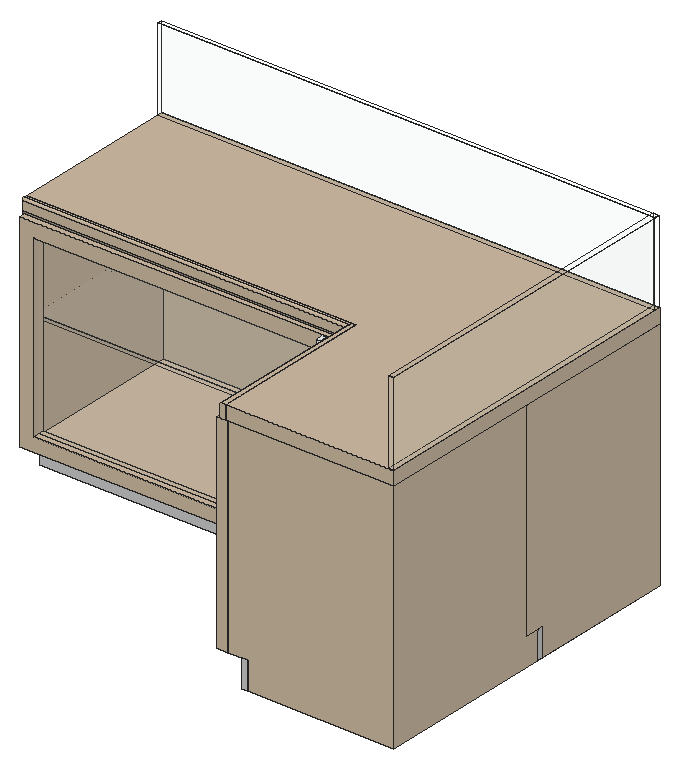
Revit family "Kitchen_Cabinet_Corner", category Casework, Revit 2021
Family settings
  Work Plane-Based = No
  Always vertical = Yes
  Cut with Voids When Loaded = No
  Shared = No
  Room Calculation Point = No
Parameters (values of type "Corner Unit 7")
  XXXDouble Swing Panel Glass Vis = and(Double Swing VisCalc, Panel Frame Visibility)  # no
  Wall unit height calc = if(Wall Unit Height > 0 mm, Wall Unit Height - 2 mm, Wall Unit Height)  # 0 mm
  Wall Unit Bottom Base Visibility [instance] = no
  Void Side Offset For Corner Unit Back = Depth * tan(45.00°) * 2  # 1200 mm
  Void Side Offset For Corner Unit = Depth * tan(45.00°)  # 600 mm
  XXXTop Front Offset Calc = if(Top Profile Visibility, Top Profile Extrusion Calc, 0 mm)  # 20 mm
  Top Profile Right Offset Calc [instance] = if(and(Right Top Angle > 0.00°, Top Profile Visibility), Top Profile Extrusion Calc * tan(Right Top Angle), 0 mm)  # 0 mm
  Top Profile Left Offset Calc [instance] = if(and(Left Top Angle > 0.00°, Top Profile Visibility), Top Profile Extrusion Calc * tan(Left Top Angle), 0 mm)  # 0 mm
  Right Back Right Offset [instance] = 0 mm
  Oven Handle VisCalc = and(Oven Visibility, Door Handle Visibility)  # no
  Left Top Angle Offset Calc [instance] = if(Left Top Angle Calc < 0.00°, 0 mm, Top Front Offset * tan(Left Top Angle Calc))  # 0 mm
  Symbol Lines Panel Height Calc = if(XXXPanel Height Calc - XXXMiddle Base Offset Calc < 50 mm, 50 mm, XXXPanel Height Calc - XXXMiddle Base Offset Calc)  # 745 mm
  Right Top Angle Offset Calc [instance] = if(Right Top Angle Calc < 0.00°, 0 mm, Top Front Offset * tan(Right Top Angle Calc))  # 0 mm
  Right Top Angle Calc [instance] = Right Top Angle  # 0.00°
  Right Top Angle [instance] = 0.00°
  Left Top Angle Calc [instance] = Left Top Angle  # 0.00°
  Left Top Angle [instance] = 0.00°
  Left Back Left Offset [instance] = 0 mm
  KickPlate Main Side Offset To 45 Degree Unit = (Kickplate Depth Offset + (Thickness Sides * 2)) * tan(45.00° / 2)  # 37.279 mm
  Width Half = Width / 2  # 900 mm
  Width = 1800 mm
  KickPlate Right Side Offset Calc [instance] = if(Corner Unit 45 Degree Visibility, KickPlate Main Side Offset To 45 Degree Unit, Kickplate Offset Right)  # 0 mm
  KickPlate Left Side Offset Calc [instance] = if(Corner Unit 45 Degree Visibility, KickPlate Main Side Offset To 45 Degree Unit, Kickplate Offset Left)  # 0 mm
  Drawers = Revit Content - Drawers
  Draw Handle Visibility = yes
  Draw Handle VisCalc = and(Draw Handle Visibility, Draw Count > 0)  # no
  Depth Top Calc = Depth + Top Front Offset + Top Back Offset  # 630 mm
  Default Elevation = 0 mm
  Corner Unit Top 45 Degree Visibility = and(Corner Unit 45 Degree Visibility, Top Visibility)  # no
  Corner Unit Shelve VisCalc = and(not(Corner Unit 45 Degree Visibility), Corner Unit  Visibility, Shelves Count > 0)  # yes
  XXXCorner Unit 45 Degree Bottom VisCalc [instance] = and(Wall Unit Bottom Base Visibility, Wall Unit Height > 10 mm, Corner Unit 45 Degree Visibility)  # no
  Corner Unit 45 Degree Side KickPlate Length Calc = Kickplate Depth Offset + Thickness Sides  # 70 mm
  Corner Unit 45 Degree Side Depth For KickPlateCalc = Depth - Kickplate Depth Offset - Thickness Sides  # 530 mm
  Corner Unit 45 Degree Shelve Depth Calc = Depth + Top Front Offset - Thickness Sides * 2  # 590 mm
  Corner Unit 45 Degree Depth Calc = Depth + Top Front Offset - XXXTop Front Offset Calc  # 610 mm
  Bottom Base Visibility = yes
  Bottom Base VisCalc = and(Bottom Base Visibility, not(Corner Unit 45 Degree Visibility))  # yes
  Backsplash Right Offset Calc2 [instance] = if(not(Corner Unit  Visibility), if(Right Top Angle Calc < 0.00°, Backsplash Offset Right, Depth Top Calc * tan(Right Top Angle Calc) - Right Top Angle Offset Calc + Backsplash Offset Right), 0 mm)  # 0 mm
  Backsplash Right Offset Calc [instance] = if(Right Top Angle Calc < 0.00°, Backsplash Offset Right, Depth Top Calc * tan(Right Top Angle Calc) - Right Top Angle Offset Calc + Backsplash Offset Right)  # 0 mm
  Backsplash Left Offset Calc [instance] = if(Left Top Angle Calc < 0.00°, Backsplash Offset Left, Depth Top Calc * tan(Left Top Angle Calc) - Left Top Angle Offset Calc + Backsplash Offset Left)  # 0 mm
  BackSplash VisCalc = and(Shell VisCalc, Back Splash Visibility, not(Corner Unit 45 Degree Visibility))  # yes
  Top VisCalc = and(Shell VisCalc, Top Visibility, not(Corner Unit 45 Degree Visibility), not(Corner Unit  Visibility))  # no
  Top Thickness Calc = if(Top Thickness < 2 mm, 2 mm, Top Thickness)  # 50 mm
  Top Right Side Offset Calc = Top Right Side Offset  # 0 mm
  Top Left Side Offset Calc = Top Left Side Offset  # 0 mm
  Thickness Sides HALF = Thickness Sides / 2  # 10 mm
  Symbol Lines 2D Plan Sliding Door [instance] = and(Show Symbol Lines 2D, Doors Visibility, Sliding Door)  # no
  Symbol Lines 2D Elevation Not HS RIGHT [instance] = and(Show Symbol Lines 2D, Doors Visibility, not(Symbol Lines From Hinge Side), Double Swing, not(Oven Visibility), not(Just Drawers VisCalc), not(Corner Unit  Visibility), not(Sliding Door), not(Additional Drawers Count > 0))  # no
  Symbol Lines 2D Elevation Not HS LEFT [instance] = and(Show Symbol Lines 2D, Doors Visibility, not(Symbol Lines From Hinge Side), not(Oven Visibility), not(Just Drawers VisCalc), not(Corner Unit  Visibility), not(Sliding Door), not(Additional Drawers Count > 0))  # no
  Symbol Lines 2D Elevation HS RIGHT [instance] = and(Show Symbol Lines 2D, Doors Visibility, Symbol Lines From Hinge Side, Double Swing, not(Oven Visibility), not(Just Drawers VisCalc), not(Corner Unit  Visibility), not(Sliding Door), not(Additional Drawers Count > 0))  # no
  Symbol Lines 2D Elevation HS LEFT [instance] = and(Show Symbol Lines 2D, Doors Visibility, Symbol Lines From Hinge Side, not(Oven Visibility), not(Just Drawers), not(Corner Unit  Visibility), not(Sliding Door), not(Additional Drawers Count > 0))  # no
  Symbol Lines 2D Plan RIGHT [instance] = and(Show Symbol Lines 2D, Doors Visibility, Double Swing, not(Oven Visibility), not(Just Drawers VisCalc), not(Corner Unit  Visibility), not(Sliding Door), not(Additional Drawers Count > 0))  # no
  Symbol Lines 2D Plan LEFT [instance] = and(Show Symbol Lines 2D, Doors Visibility, not(Oven Visibility), not(Just Drawers VisCalc), not(Corner Unit  Visibility), not(Sliding Door), not(Additional Drawers Count > 0))  # no
  Top Profile Offset Right = 0 mm
  Top Profile Offset Left = 0 mm
  Symbol Line 3D Drawers [instance] = or(and(Show Symbol Lines 3D, Just Drawers VisCalc), or(and(Show Symbol Lines 3D, Additional Drawers Count > 0)))  # no
  Show Symbol Lines 2D [instance] = yes
  Shell VisCalc = and(Shell Visibility, not(Corner Unit 45 Degree Visibility))  # yes
  Kickplate Offset Right [instance] = 0 mm
  Kickplate Offset Left [instance] = 0 mm
  Height = 900 mm
  Fix Panel Width Max Calc = if(Fix Panel Offset Calc > Thickness Sides * 2 + Space * 2 + Panel Frame Thickness Hinge Side + Panel Frame Thickness Middle, Thickness Sides * 2 + Space * 2 + Panel Frame Thickness Hinge Side + Panel Frame Thickness Middle, Fix Panel Offset Calc)  # 2 mm
  Fix Panel Top & Bottom Offset Calc = if(Panel Between, Thickness Sides, 0 mm)  # 0 mm
  Fix Panel Side Space Calc = 0 mm  # constant formula
  Fix Panel Offset = 0 mm
  Fix Panel Offset Half Calc = Fix Panel Offset / 2  # 0 mm
  Fix Panel Geomtry Width Calc = if(Panel Between, if(Fix Panel Offset Calc > 2 mm, Width Calc - Pannel Side Calc - Space * 2, 2 mm), if(Fix Panel Offset Calc < Space + 2 mm, Width - Pannel Side Calc + 2 mm, Width - Pannel Side Calc - Space))  # 642 mm
  Fix Panel VisCalc = and(Fix Panel, not(Fix Panel Offset < 10 mm), not(Double Swing), not(Sliding Door), not(Oven Visibility), not(Draw Count > 0), not(Additional Drawers Count > 0))  # no
  Unit Height Lock = yes
  Top Profile Visibility = yes
  Thickness Bottom Calc = if(Thickness Bottom < 2 mm, 2 mm, Thickness Bottom)  # 20 mm
  Fix Panel Offset Calc = if(Fix Panel Offset < 2 mm, 2 mm, Fix Panel Offset)  # 2 mm
  Fix Panel = no
  Draw Thickness = 40 mm
  Draw Handle Thickness Calc = if(Draw Handle Depth < 2 mm, 2 mm, Draw Handle Depth)  # 20 mm
  Draw Handle Length Half = Draw Handle Width / 2  # 250 mm
  Draw Handle Height Calc = if(Draw Handle Height < 2 mm, 2 mm, Draw Handle Height)  # 15 mm
  Door Thickness = 40 mm
  Door Handle Visibility = yes
  Depth = 600 mm
  Corner Unit Void Height Calc = if(Corner Unit Panel Height Calc - Panel Frame Thickness Top - Panel Frame Thickness Bottom < 10 mm, 10 mm, Corner Unit Panel Height Calc - Panel Frame Thickness Top - Panel Frame Thickness Bottom)  # 650 mm
  Corner Unit Top VisCalc = and(Corner Unit  Visibility, Top Visibility)  # yes
  Corner Unit Top Profile VisCalc = and(Corner Unit  Visibility, Top Visibility, Top Profile Visibility)  # yes
  Corner Unit Panel VisCalc = and(Corner Unit  Visibility, Doors Visibility)  # yes
  Corner Unit Panel Height Calc = if(XXXHeight Calc - XXXDoor Bottom Offset Calc - Corner Unit Door Top Offset Calc - Bottom Base Height < 2 mm, 2 mm, XXXHeight Calc - XXXDoor Bottom Offset Calc - Corner Unit Door Top Offset Calc - Bottom Base Height)  # 750 mm
  Tap = Revit Content - Tap
  Sink 2 Visibility = no
  Extractor Hood Visibility = no
  Extractor Hood Top = Revit Content - Extractor Hood Top
  Extractor Hood Middle = Revit Content - Extractor Hood Middle
  Extractor Hood Bottom = Revit Content - Extractor Hood
  Drawers on Bottom = no
  Corner Unit Door Top Offset Calc = if(or(Panel Between, Sliding Door Calc), Thickness Sides + Space, 0 mm)  # 0 mm
  Corner Unit Door Handle VisCalc = and(Corner Unit  Visibility, Door Handle Visibility)  # yes
  Corner Unit BackSplash(45 Degrees) VisCalc = and(Corner Unit 45 Degree Visibility, Back Splash Visibility)  # no
  Cooker Radius Calc = 50 mm  # constant formula
  Cooker Burner Width Calc2 = Cooker Burner Width Calc - 20 mm  # 180 mm
  Cooker Burner Length Calc2 = Cooker Burner Length Calc - 20 mm  # 180 mm
  Cooker Burner Width Calc = if(Cooker Burner Width < 50 mm, 50 mm, Cooker Burner Width)  # 200 mm
  Cooker Burner Length Calc = if(Cooker Burner Length < 50 mm, 50 mm, Cooker Burner Length)  # 200 mm
  Wall Unit Right Side Bottom Profile Calc [instance] = and(Wall Unit Height > 10 mm, Wall Unit Right Side Bottom Profile, not(Wall Corner Unit Bottom Profile Calc), not(Corner Unit 45 Degree Visibility))  # no
  Wall Unit Right Side Bottom Profile [instance] = no
  Wall Unit Left Side Bottom Profile Calc [instance] = and(Wall Unit Height > 10 mm, Wall Unit Left Side Bottom Profile, not(Wall Corner Unit Bottom Profile Calc), not(Corner Unit 45 Degree Visibility))  # no
  Wall Unit Left Side Bottom Profile [instance] = no
  Wall Corner Unit VisCalc = and(Corner Unit  Visibility, Wall Unit Height > 10 mm)  # no
  Wall Corner Unit Bottom Profile Calc [instance] = and(Corner Unit  Visibility, Wall Unit Right Side Bottom Profile)  # no
  XXXVoid Leg Vis Calc [instance] = if(or(Bottom Base Height = 0 mm, Wall Unit Height > 10 mm, or(Legs Visibility > 0)), 0 mm, Bottom Base Height Calc)  # 100 mm
  SLM 4000 = 0 mm  # constant formula
  Main Skirting Right Side Distance Calc For Corner Unit = 0 mm  # constant formula
  Legs Visibility [instance] = 0
  Legs = Revit Content - Legs
  Leg Width Calc = if(Leg Width < 2 mm, 2 mm, Leg Width)  # 100 mm
  Leg Width = 100 mm
  Leg Vis 6 [instance] = and(Corner Unit  Visibility, or(Legs Visibility = 6, Legs Visibility = 7))  # no
  Leg Vis 5 [instance] = and(Corner Unit  Visibility, or(Legs Visibility = 5, Legs Visibility = 7))  # no
  Leg Vis 4 [instance] = or(Legs Visibility = 4, Legs Visibility = 7)  # no
  Leg Vis 3 [instance] = or(Legs Visibility = 3, Legs Visibility = 7)  # no
  Leg Vis 2 [instance] = or(Legs Visibility = 2, Legs Visibility = 7)  # no
  Leg Vis 1 [instance] = or(Legs Visibility = 1, Legs Visibility = 7)  # no
  Leg Radius Max Calc = if(Leg Length Calc > Leg Width Calc, Leg Width Calc / 2 - 1 mm, Leg Length Calc / 2 - 1 mm)  # 49 mm
  Leg Radius Calc = if(Leg Radius > Leg Radius Max Calc, Leg Radius Max Calc, if(Leg Radius < 1 mm, 1 mm, Leg Radius))  # 49 mm
  Leg Radius = 500 mm
  Leg Position Left & Right = 150 mm
  Leg Position Front & Back = 150 mm
  Leg Length Calc = if(Leg Length < 2 mm, 2 mm, Leg Length)  # 100 mm
  Leg Length = 100 mm
  Description = "Kitchen Version 3"
  Corner Unit Width Calc = if(Corner Unit Width < 300 mm, 300 mm, Corner Unit Width)  # 600 mm
  Corner Unit Width = 600 mm
  Corner Unit Door Width Calc = if(Panel Between, Corner Unit Width Calc - Space * 2 - Thickness Sides, Corner Unit Width Calc - Door Thickness Calc - Space)  # 555 mm
  Door Right = Revit Content - Door Right
  Door Left & Single = Revit Content - Door Left & Single
  Corner Unit Depth Calc = if(Corner Unit  Visibility, Depth, Width / 2)  # 600 mm
  Corner Unit 45 Degree Visibility = no
  Corner Unit  Visibility = yes
  Cooker Burner Width = 200 mm
  Cooker Burner Length = 200 mm
  CUM 4000 = 0 mm  # constant formula
  XXXBottom Base Thickness Calc = if(Draw Count = 0, if(Bottom Base Thickness < 2 mm, 2 mm, Bottom Base Thickness), Thickness Bottom Calc)  # 20 mm
  Bottom Base Height = 100 mm
  Backsplash Offset Right = 0 mm
  Backsplash Offset Left = 0 mm
  Back Splash Visibility = yes
  Corner Unit Back Splash VisCalc = and(Corner Unit  Visibility, Back Splash Visibility)  # yes
  Back Splash Height = 300 mm
  Back Splash Thickness = 100 mm
  Back Splash Thickness Calc = if(Back Splash Thickness > 20 mm, 20 mm, if(Back Splash Thickness < 2 mm, 2 mm, Back Splash Thickness))  # 20 mm
  Back Splash Height Calc = if(Back Splash Height < 2 mm, 2 mm, Back Splash Height)  # 300 mm
  Symbol Line 3D Double Swing VisCalc [instance] = and(Show Symbol Lines 3D, Doors Visibility, Double Swing, not(Symbol Line 3D Sliding Door VisCalc), not(Corner Unit  Visibility), not(Just Drawers VisCalc), not(Additional Drawers Count > 0))  # no
  Symbol Line 3D Single Swing VisCalc [instance] = and(Show Symbol Lines 3D, Doors Visibility, not(Sliding Door), not(Oven Visibility), not(Just Drawers VisCalc), not(Corner Unit  Visibility), not(Additional Drawers Count > 0))  # no
  Symbol Lines 3D RIGHT Not Hinge Side [instance] = and(Show Symbol Lines 3D, Doors Visibility, Double Swing, not(Symbol Line 3D Sliding Door VisCalc), not(Corner Unit  Visibility), not(Symbol Lines From Hinge Side), not(Sliding Door), not(Just Drawers VisCalc), not(Additional Drawers Count > 0))  # no
  Symbol Lines 3D LEFT Not Hinge Side [instance] = and(Show Symbol Lines 3D, Doors Visibility, not(Oven Visibility), not(Sliding Door), not(Corner Unit  Visibility), not(Symbol Lines From Hinge Side), not(Just Drawers VisCalc), not(Additional Drawers Count > 0))  # no
  URL = "www.revit-content.com"
  Symbol Lines From Hinge Side = yes
  Show Symbol Lines 3D [instance] = no
  Symbol Line 3D Sliding Door VisCalc [instance] = and(Show Symbol Lines 3D, Doors Visibility, Sliding Door, not(Just Drawers VisCalc))  # no
  Symbol Line 3D RIGHT Elevation VisCalc [instance] = and(Show Symbol Lines 3D, Doors Visibility, not(Just Drawers VisCalc), Double Swing, not(Symbol Line 3D Sliding Door VisCalc), Symbol Lines From Hinge Side, not(Corner Unit  Visibility), not(Sliding Door), not(Additional Drawers Count > 0))  # no
  Oven Glass = Revit Content - Glass Oven
  Model = "Casework Furniture"
  Symbol Line 3D LEFT Elevation VisCalc [instance] = and(Show Symbol Lines 3D, Doors Visibility, not(Just Drawers VisCalc), not(Oven Visibility), not(Sliding Door), Symbol Lines From Hinge Side, not(Corner Unit  Visibility), not(Additional Drawers Count > 0))  # no
  Kick Plate = Revit Content - Kick Plate
  Symbol Lines Drawers VisCalc [instance] = or(and(Show Symbol Lines 2D, Just Drawers VisCalc), or(and(Show Symbol Lines 2D, Additional Drawers Count > 0)))  # no
  Draw Symbol Line Count = 80 mm  # constant formula
  Designer = "Sameer Ahmed"
  Copyright = "Content & More Limited"
  Cooker Middle Burner VisCalc = and(Cooker Width > 670 mm, Cooker Visibility)  # no
  Cooker Burner Front & Back Offset Calc = Cooker Burner Front & Back Offset + Cooker Burner Radius Calc  # 99 mm
  Cooker Burner Front & Back Offset = 0 mm
  Cooker Burner Sides Offset = 0 mm
  Cooker Burner Side Offset Calc = Cooker Burner Sides Offset + Cooker Burner Radius Calc  # 99 mm
  Cooker Front & Back Offset = 0 mm
  Cooker Burner Radius Max Calc = if(Cooker Burner Length Calc > Cooker Burner Width Calc, Cooker Burner Width Calc / 2 - 1 mm, Cooker Burner Length Calc / 2 - 1 mm)  # 99 mm
  Cooker Position From Middle = 0 mm
  Cooker Depth = 500 mm
  Cooker Width = 500 mm
  Cooker Width Half Calc = Cooker Width / 2  # 250 mm
  Cooker Position From Middle Calc = Cooker Position From Middle  # 0 mm
  Cooker Depth Calc = if(Cooker Depth > Depth - 100 mm, Depth - 100 mm, if(Cooker Depth < 500 mm, 500 mm, Cooker Depth))  # 500 mm
  Cooker Burner Thickness = 0 mm
  Oven Handle Length = 15 mm
  Oven Handle Thickness = 20 mm
  Oven Handle Width = 500 mm
  Sink & Cooker Plate Thickness = 3 mm
  Oven Handle Length Calc = if(Oven Handle Length < 15 mm, 15 mm, Oven Handle Length)  # 15 mm
  Oven Handle Thickness Calc = if(Oven Handle Thickness < 20 mm, 20 mm, Oven Handle Thickness)  # 20 mm
  Oven Handle Width Calc = if(Oven Handle Width < 100 mm, 100 mm, Oven Handle Width)  # 500 mm
  Oven Handle Position from Top = 20 mm
  Oven = Revit Content - Oven
  Oven VisCalc = if(Oven Visibility, Oven Position Plan, 500 mm)  # 500 mm
  Oven Position Plan = if(Panel Between, 0 mm, Door Thickness Calc + 1 mm)  # 41 mm
  Wall Unit Bottom Front Thickness = 20 mm
  Wall Unit Bottom Front Length = 40 mm
  Wall Unit Bottom Thickness = 20 mm
  Wall Unit Bottom Front Thickness Calc = if(Wall Unit Bottom Front Thickness < 1 mm, 1 mm, Wall Unit Bottom Front Thickness)  # 20 mm
  Wall Unit Bottom Front Length Calc = if(Wall Unit Bottom Front Length < 1 mm, 1 mm, Wall Unit Bottom Front Length)  # 40 mm
  Wall Unit Bottom Thickness Calc = if(Wall Unit Bottom Thickness < 1 mm, 1 mm, Wall Unit Bottom Thickness)  # 20 mm
  Top Profile Extrusion = 20 mm
  Top Profile Extrusion Calc = if(Top Profile Extrusion > 15 mm, Top Profile Extrusion, if(Top Profile Extrusion < 15 mm, 15 mm, Top Profile Extrusion))  # 20 mm
  XXXWall Unit Bottom VisCalc [instance] = and(Wall Unit Bottom Base Visibility, Wall Unit Height > 10 mm, not(Corner Unit  Visibility), not(Corner Unit 45 Degree Visibility))  # no
  Oven Visibility = no
  Drainer VisCalc = and(Drainer Visibility, Sink VisCalc)  # no
  Drainer Visibility = no
  Cooker = Revit Content - Cooker
  Cooker VisCalc = Cooker Calc < 1 mm  # no
  Sink & Cooker Plate Thickness Calc = if(Sink & Cooker Plate Thickness < 3 mm, 3 mm, Sink & Cooker Plate Thickness)  # 3 mm
  Cooker Calc = if(Cooker Visibility, 0 mm, 500 mm)  # 500 mm
  Cooker Burner Thickness Calc = if(Cooker Burner Thickness < 6 mm, 6 mm, Cooker Burner Thickness)  # 6 mm
  Cooker Burner Radius Calc = if(Cooker Burner Radius > Cooker Burner Radius Max Calc, Cooker Burner Radius Max Calc, if(Cooker Burner Radius < 20 mm, 20 mm, Cooker Burner Radius))  # 99 mm
  Cooker Burner Radius 2 Calc = Cooker Burner Radius Calc - 18 mm  # 81 mm
  Cooker Burner Radius = 300 mm
  Cooker Burner Offset From Plate = 8 mm
  Cooker Burner = Revit Content - Cooker Burner
  Cooker Visibility = no
  Max Calc = if(Top Profile Extrusion Calc > Top Thickness, Top Thickness / 2 - 2 mm, Top Profile Extrusion Calc / 2 - 2 mm)  # 8 mm
  Top Profile Radius Top = 20 mm
  Top Profile Radius Bottom = 20 mm
  Top Profile Radius Top Calc = if(Top Profile Radius Top > Max Calc, Max Calc, if(Top Profile Radius Top < 1 mm, 1 mm, Top Profile Radius Top))  # 8 mm
  Top Profile Radius Bottom Calc = if(Top Profile Radius Bottom > Max Calc, Max Calc, if(Top Profile Radius Bottom < 1 mm, 1 mm, Top Profile Radius Bottom))  # 8 mm
  Wall Unit Height = 0 mm
  Top Thickness = 50 mm
  Top Back Offset = 0 mm
  Width Calc = Width - Thickness Sides * 2  # 1760 mm
  Top Front Offset = 30 mm
  Void On/Off Calc = if(Panel Frame Visibility, 0 mm, Door Thickness Calc)  # 0 mm
  Void Height Calc = if(XXXPanel Height Calc - if(and(Drawers on Bottom, Draw Count > 0), XXXMiddle Base Offset Calc, 0 mm) - Panel Frame Thickness Top - Panel Frame Thickness Bottom < 5 mm, 5 mm, XXXPanel Height Calc - if(and(Drawers on Bottom, Draw Count > 0), XXXMiddle Base Offset Calc, 0 mm) - Panel Frame Thickness Top - Panel Frame Thickness Bottom)  # 645 mm
  Top Right Side Offset = 0 mm
  Top Left Side Offset = 0 mm
  Top = Revit Content - Wood.
  Thickness Sides = 20 mm
  Thickness Bottom = 20 mm
  Space = 5 mm
  Sliding Door Profiles VisCalc = if(not(Doors VisCalc), Doors VisCalc, if(and(Sliding Door Calc, or(Drawers Calc, Panel Between)), not(Sliding Door Calc), Sliding Door Calc))  # no
  Sliding Door Profile Distance Calc = if(Sliding Door Calc, 5 mm, 0 mm)  # 0 mm
  Sliding Door Profile = Revit Content - Aluminium
  Sliding Door Overlap Calc = Sliding Door Overlap / 2  # 25 mm
  Sliding Door Overlap = 50 mm
  Sliding Door Offset Calc = if(Sliding Door Calc, Door Thickness Calc + 1 mm, 0 mm)  # 0 mm
  Sliding Door Calc = if(and(Drawers Calc, not(Panel Between)), Panel Between, Sliding Door)  # no
  Sliding Door = no
  Kickplate Depth Offset = 50 mm
  Sink Calc = if(Sink Visibility, 0 mm, 500 mm)  # 500 mm
  Sink VisCalc = Sink Visibility  # no
  Sink Visibility = no
  Side S PW O = Width  # 1800 mm
  Side S PW I = Width Calc - Space * 2  # 1750 mm
  Side D PW O = (Width - Space) / 2  # 897.5 mm
  Side D PW I = if(Sliding Door Calc, Width Calc / 2, (Width Calc - Space * 3) / 2)  # 872.5 mm
  Shelves & Divider Offset From Back = 5 mm
  Shelve VisCalc = and(not(Corner Unit 45 Degree Visibility), Shelves Count > 0)  # yes
  Shelve = Revit Content - Glass
  Shell = Revit Content - Wood
  Pannel Side Calc = if(Corner Unit  Visibility, if(Panel Between, Width - Thickness Sides - Space - Space - Depth, Width - Depth - Door Thickness Calc), if(Double Swing VisCalc, if(Panel Between, if(Sliding Door Calc, Side D PW I + Sliding Door Overlap Calc, Side D PW I), if(Sliding Door Calc, Side D PW O + Sliding Door Overlap Calc, Side D PW O)), if(Panel Between, if(Sliding Door Calc, Side S PW I + Sliding Door Overlap Calc, Side S PW I - Fix Panel Offset), if(Sliding Door Calc, Side S PW O + Sliding Door Overlap Calc - Fix Panel Offset, Side S PW O - Fix Panel Offset))))  # 1160 mm
  XXXPanel Height Calc = if(XXXHeight Calc - Bottom Base Height - XXXDoor Bottom Offset Calc - XXXDoor Top Offset Calc < 2 mm, 2 mm, XXXHeight Calc - Bottom Base Height - XXXDoor Bottom Offset Calc - XXXDoor Top Offset Calc)  # 745 mm
  Panel Glass Thickness Calc = if(Panel Glass Thickness < 2 mm, 2 mm, Panel Glass Thickness)  # 3 mm
  Panel Glass Position = (Door Thickness Calc - Panel Glass Thickness Calc) / 2  # 18.5 mm
  Panel Glass End Calc = Void Height Calc + Panel Frame Thickness Bottom + XXXDoor Bottom Offset Calc  # 695 mm
  Panel Glass VisCalc = and(Panel Frame Visibility, Doors VisCalc)  # yes
  Panel Glass = Revit Content - Glass
  Panel Frame Thickness Top = 50 mm
  Panel Frame Thickness Middle = 50 mm
  Panel Frame Thickness Hinge Side = 50 mm
  Panel Frame Thickness Bottom Calc = Panel Frame Thickness Bottom + XXXDoor Bottom Offset Calc  # 50 mm
  Panel Frame Thickness Bottom = 50 mm
  Panel Frame Visibility = yes
  Panel Between = no
  Shell Visibility = yes
  Middle Vis = and(not(Just Drawers), not(Corner Unit 45 Degree Visibility))  # yes
  XXXMiddle Base Offset Calc = if(not(Just Drawers), if(Drawers on Bottom, if(Panel Between, if(Draw Count > 0, Thickness Bottom + Draw Space, 0 mm) + ((XXXDrawers Height Calc + Space) * Draw Count), ((XXXDrawers Height Min Calc RETURN + Space) * Draw Count)), if(Panel Between, 0 mm, 0 mm)), 0 mm)  # 0 mm
  Sink = Revit Content - Sink
  Just Drawers VisCalc = and(Draw Count > 0, Just Drawers)  # no
  Just Drawers = no
  Hinge Position Right Calc [instance] = if(and(Panel Between, Fix Panel VisCalc), Thickness Sides, if(Panel Between, if(Sliding Door, Thickness Sides + Door Sliding Right Calc, Thickness Sides + Space + Door Sliding Right Calc), Door Sliding Right Calc))  # 0 mm
  Hinge Position Left Calc [instance] = if(Panel Between, if(Sliding Door, Thickness Sides + Door Sliding Left Calc, Thickness Sides + Space + Door Sliding Left Calc), Door Sliding Left Calc)  # 0 mm
  Hinge Position IO Calc = if(Panel Between, Depth / 2, (Depth / 2) + Door Thickness Calc + Sliding Door Offset Calc)  # 340 mm
  Handle = Revit Content - Handle
  Guide Rail = Revit Content - Aluminium
  Top Visibility = yes
  Top Profile VisCalc = and(Top Profile Extrusion > 1 mm, Top Visibility, Top Profile Visibility, not(Corner Unit  Visibility))  # no
  Drawers Calc = Draw Count > 0  # no
  Draw Width Calc = if(Panel Between, Width Calc - Draw Space * 2 - Fix Panel Offset, Width - Fix Panel Offset)  # 1800 mm
  Draw Thickness Calc = if(Draw Thickness < 12 mm, 12 mm, Draw Thickness)  # 40 mm
  Draw Space = 5 mm
  Draw Side Distance Calc = if(Panel Between, Thickness Sides + Draw Space + Fix Panel Offset, Fix Panel Offset)  # 0 mm
  XXXDraw Depth Position Calc = if(Panel Between, Depth / 2, (Depth / 2) + Draw Thickness Calc)  # 340 mm
  Draw Height = 184 mm
  Draw Handle Depth = 20 mm
  Draw Handle Offset From Top = 10 mm
  Draw Handle Width = 500 mm
  Draw Handle Height = 15 mm
  Draw Count = 0
  Double Swing VisCalc = if(not(Doors VisCalc), Doors VisCalc, if(Sliding Door, Sliding Door, Double Swing))  # no
  Double Swing = no
  Double Door Thickness Calc = Door Thickness Calc * 2 + Space * 2 + 5 mm  # 95 mm
  Doors VisCalc = and(Doors Visibility, Additional Drawers Count < 1, not(Just Drawers))  # yes
  Doors Visibility = yes
  XXXDoor Top Offset Calc = if(Drawers on Bottom, if(or(Panel Between, Sliding Door Calc), Thickness Sides + Space, if(Top Visibility, Space, 0 mm)), if(Panel Between, Thickness Sides + Draw Space + ((Draw Height + Draw Space) * Draw Count), ((Draw Height + Draw Space) * Draw Count) + if(Top Visibility, Space, 0 mm)))  # 5 mm
  Door Swing Right Calc [instance] = if(Sliding Door Calc, 0.00°, 90.00° / 100 * Door Opening Right %)  # 0.00°
  Door Swing Left Calc [instance] = if(Sliding Door Calc, 0.00°, 90.00° / 100 * Door Opening Left and Single %)  # 0.00°
  Door Sliding Right Calc [instance] = if(Sliding Door Calc, Width Calc / 2 / 100 * Door Opening Right %, 0 mm)  # 0 mm
  Door Sliding Left Calc [instance] = if(Sliding Door Calc, Width Calc / 2 / 100 * Door Opening Left and Single %, 0 mm)  # 0 mm
  Door Opening Right % [instance] = 0
  Door Opening Left and Single % [instance] = 0
  Door Handle Right VisCalc = and(Double Swing, Door Handle VisCalc, Doors VisCalc, not(Sliding Door), not(Just Drawers VisCalc))  # no
  Door Handle Height = 200 mm
  Door Handle Width = 15 mm
  Door Handle Depth = 30 mm
  Door Handle Offset From Top = 0 mm
  Door Handle Offset From Side = 50 mm
  Door Thickness Calc = if(Door Thickness < 12 mm, 12 mm, Door Thickness)  # 40 mm
  Door Handle Left VisCalc = and(not(Sliding Door), Door Handle VisCalc, Doors VisCalc, not(Just Drawers VisCalc))  # yes
  Door Handle VisCalc = and(Door Handle Visibility, Doors VisCalc)  # yes
  XXXDoor Bottom Offset Calc = if(Panel Between, Thickness Bottom + Space, 0 mm)  # 0 mm
  Divider A Right Calc = and(not(Corner Unit 45 Degree Visibility), A Right Divider Height > 0 mm)  # no
  Divider A Left Calc = and(not(Corner Unit 45 Degree Visibility), A Left Divider Height > 0 mm)  # no
  Divider = Revit Content - Wood
  XXXDepth Shelves & Divider Depth Calc = if(Shelves & Divider Depth > Depth - Shelves & Divider Offset From Back - Thickness Sides + if(Panel Between, if(Sliding Door, -Door Thickness Calc * 2 - 5 mm, -Door Thickness Calc - 5 mm), 0 mm), Depth - Shelves & Divider Offset From Back - Thickness Sides + if(Panel Between, if(Sliding Door, -Door Thickness Calc * 2 - 5 mm, -Door Thickness Calc - 5 mm), 0 mm), if(Shelves & Divider Depth < 2 mm, 2 mm, Shelves & Divider Depth))  # 575 mm
  Bottom Base Thickness = 20 mm
  Bottom Base Height Calc = if(Bottom Base Height < 2 mm, 2 mm, Bottom Base Height)  # 100 mm
  Back Splash = Revit Content - Back Splash
  Assembly Code = "E2020200"
  Adiitional Drawers VisCalc = and(Additional Drawers Count > 0, not(Just Drawers))  # no
  XXXAdiitional Drawers Height Position Calc TOP = if(XXXAdiitional Drawers Count Calc 2 > 1, if(Panel Between, XXXAdiitional Drawers Height Min Calc + Draw Space, XXXAdiitional Drawers Height Min Calc + Draw Space), 0 mm)  # 0 mm
  XXXAdiitional Drawers Height Min Calc = (Additional Drawers Height Calc + if(Panel Between, -Draw Space * XXXAdiitional Drawers Count Calc 2 + Draw Space, -Draw Space * XXXAdiitional Drawers Count Calc 2 + Draw Space)) / XXXAdiitional Drawers Count Calc 2  # 745 mm
  XXXAdiitional Drawers Count Calc 2 = if(Additional Drawers Count < 1, 1, Additional Drawers Count)  # 1
  Additonal Draw Handle VisCalc = and(Draw Handle Visibility, Additional Drawers Count > 0)  # no
  Additional Drawers Count = 0
  XXXAdiitional Drawers Count Calc 1 = if(Additional Drawers Count < 2, 2, Additional Drawers Count)  # 2
  XXXAdiitional Drawers Height Position Calc BOTTOM = if(Drawers on Bottom, if(Panel Between, XXXMiddle Base Offset Calc + Thickness Bottom + Draw Space, (Draw Space + XXXDrawers Height Min Calc RETURN) * (XXXDrawers Count Calc 2)), if(Panel Between, Thickness Bottom + Draw Space, 0 mm))  # 0 mm
  Additional Drawers = Revit Content - Additional Drawers
  Additional Drawer Handle Height Position = 10 mm
  Additional Drawers Height Calc = if((XXXHeight Calc - XXXAdiitional Drawers Height Position Calc BOTTOM - Bottom Base Height Calc - XXXDoor Top Offset Calc - if(and(Top Visibility, Drawers on Bottom, not(Panel Between)), Draw Space, 0 mm)) < 2 mm, 2 mm, (XXXHeight Calc - XXXAdiitional Drawers Height Position Calc BOTTOM - Bottom Base Height Calc - XXXDoor Top Offset Calc - if(and(Top Visibility, Drawers on Bottom, not(Panel Between)), Draw Space, 0 mm)))  # 745 mm
  ADDITIONAL DRAWERS MAINTAINANCE 400 = 0 mm  # constant formula
  XXXRight Divider Height Calc 2 = if(A Right Divider Height = 0 mm, 100 mm, if(A Right Divider Offset From Bottom + A Right Divider Height > XXXHeight Calc PB & PNB, if(Panel Between, XXXHeight Calc PB & PNB - A Right Divider Offset From Bottom - XXXMiddle Base Offset Calc, XXXHeight Calc PB & PNB - A Right Divider Offset From Bottom - XXXMiddle Base Offset Calc - Thickness Bottom - Thickness Sides), A Right Divider Height))  # 100 mm
  XXXRight Divider Height Calc = if(XXXRight Divider Height Calc 2 < 2 mm, 2 mm, XXXRight Divider Height Calc 2)  # 100 mm
  Shelves Width Calc = if(Shelves Width < 10 mm, 10 mm, if(Shelves Width > Width Calc, Width Calc, Shelves Width))  # 1200 mm
  Shelves Width = 1200 mm
  Shelves Count Calc = if(Shelves Count < 2, 2, Shelves Count)  # 2
  Shelve Offset From Bottom = 400 mm
  Shelve Offset From Bottom Shelves Calc = if(Shelves Count > 1, Shelve Offset From Bottom Shelve, 0 mm)  # 0 mm
  Shelve Offset From Bottom Shelve = 400 mm
  Shelves Count = 1
  Depth Inner Side Calc = Depth - Thickness Sides * 2  # 560 mm
  A Left Divider Offset From Bottom = 0 mm
  A Right Divider Offset From Bottom = 0 mm
  Shelves & Divider Depth = 800 mm
  Divider Thickness = 15 mm
  Shelves Thickness = 15 mm
  A Right Divider Height = 0 mm
  XXXLeft Divider Height Calc 2 = if(A Left Divider Height = 0 mm, 100 mm, if(A Left Divider Offset From Bottom + A Left Divider Height > XXXHeight Calc PB & PNB, if(Panel Between, XXXHeight Calc PB & PNB - A Left Divider Offset From Bottom - XXXMiddle Base Offset Calc, XXXHeight Calc PB & PNB - A Left Divider Offset From Bottom - XXXMiddle Base Offset Calc - Thickness Bottom - Thickness Sides), A Left Divider Height))  # 100 mm
  XXXLeft Divider Height Calc = if(XXXLeft Divider Height Calc 2 < 2 mm, 2 mm, XXXLeft Divider Height Calc 2)  # 100 mm
  A Left Divider Height = 0 mm
  A Left Divider Distance = 0 mm
  A Right Divider Distance = 0 mm
  Sink Height = 300 mm
  Sink Radius Calc = if(Sink Radius > Sink Radius Max Calc, Sink Radius Max Calc, if(Sink Radius < 70 mm, 70 mm, Sink Radius))  # 100 mm
  Sink Width = 400 mm
  Sink Depth = 450 mm
  Sink Plate Thickness = 2 mm
  Sink Position From Middle = 300 mm
  Sink Position From Middle Calc = if(Sink Position From Middle > Sink Width Calc / 2 - 50 mm, Sink Width Calc / 2 - 50 mm, Sink Position From Middle)  # 150 mm
  Sink Depth Position From Middle = 0 mm
  Sink Width Calc = if(Sink Width < 200 mm, 200 mm, Sink Width)  # 400 mm
  Sink Depth Calc = if(Sink Depth < 200 mm, 200 mm, Sink Depth)  # 450 mm
  Sink Radius = 100 mm
  Sink Radius Max Calc = if(Sink Width Calc > Sink Depth Calc, Sink Depth Calc / 2 - 5 mm, Sink Width Calc / 2 - 5 mm)  # 195 mm
  Sink Shell Thickness Calc = if(Sink Shell Thickness > 5 mm, 5 mm, if(Sink Shell Thickness < 2 mm, 2 mm, Sink Shell Thickness))  # 5 mm
  Sink Bottom Half Calc = 55 mm  # constant formula
  Sink Shell Thickness = 20 mm
  Sink Drainer Left Offset = 30 mm
  Sink Drainer Right Offset = 30 mm
  Sink 2 Calc = if(Sink 2 Visibility, 0 mm, 500 mm)  # 500 mm
  Sink 2 VisCalc = Sink 2 Visibility  # no
  Sink 2 Radius Calc = if(Sink 2 Radius > Sink 2 Radius Max Calc, Sink 2 Radius Max Calc, if(Sink 2 Radius < 70 mm, 70 mm, Sink 2 Radius))  # 100 mm
  Sink 2 Radius Max Calc = if(Sink 2 Width Calc > Sink 2 Depth Calc, Sink 2 Depth Calc / 2 - 1 mm, Sink 2 Width Calc / 2 - 1 mm)  # 124 mm
  Sink 2 Width Calc = if(Sink 2 Width < 200 mm, 200 mm, Sink 2 Width)  # 250 mm
  Sink 2 Depth Calc = if(Sink 2 Depth < 200 mm, 200 mm, Sink 2 Depth)  # 450 mm
  Sink 2 Radius = 100 mm
  Sink 2 Width = 250 mm
  Sink 2 Depth = 450 mm
  Sink 2 Height = 150 mm
  Sink 2 Height Calc = if(Sink 2 Height < 100 mm, 100 mm, Sink 2 Height)  # 150 mm
  Sink Height Calc = if(Sink Height < 100 mm, 100 mm, Sink Height)  # 300 mm
  Sink 2 Depth Position From Middle = 0 mm
  Sink 2 Position From Sink = 50 mm
  Sink Drainer Left Length Calc = if(Sink 2 VisCalc, Sink 2 Position From Sink + Sink 2 Width Calc + Sink Drainer Left Offset, Sink Drainer Left Offset)  # 30 mm
  Sink Drainer Right Length Calc = Sink Drainer Right Offset  # 30 mm
  Sink Drainaer VisCalc = if(Drainer Visibility, 0 mm, 500 mm)  # 500 mm
  Sink Tap Height Calc = if(Sink Tap Height < 50 mm, 50 mm, Sink Tap Height)  # 200 mm
  Sink Tap Length Calc = if(Sink Tap Length < 50 mm, 50 mm, Sink Tap Length)  # 200 mm
  Sink Tap Length 2 Calc = if(Sink Tap Length 2 < 5 mm, 5 mm, Sink Tap Length 2)  # 20 mm
  Sink Tap Radius Calc = if(Sink Tap Radius > Sink Tap Radius Max Calc, Sink Tap Radius Max Calc, if(Sink Tap Radius < 5 mm, 5 mm, Sink Tap Radius))  # 99 mm
  Sink Tap Radius Max Calc = if(Sink Tap Height Calc > Sink Tap Length Calc, Sink Tap Length Calc / 2 - 1 mm, Sink Tap Height Calc / 2 - 1 mm)  # 99 mm
  Sink Tap Height = 200 mm
  Sink Tap Length = 200 mm
  Sink Tap Length 2 = 20 mm
  Sink Tap Radius = 5000 mm
  Sink Tap Profile Width Calc = if(Sink Tap Profile Width < 5 mm, 5 mm, Sink Tap Profile Width)  # 10 mm
  Sink Tap Profile Length Calc = if(Sink Tap Profile Length < 5 mm, 5 mm, Sink Tap Profile Length)  # 30 mm
  Sink Tap Profile Radius Calc = if(Sink Tap Profile Radius > Sink Tap Profile Radius Max Calc, Sink Tap Profile Radius Max Calc, if(Sink Tap Profile Radius < 2 mm, 2 mm, Sink Tap Profile Radius))  # 2 mm
  Sink Tap Profile Width = 10 mm
  Sink Tap Profile Length = 30 mm
  Sink Tap Profile Radius = 0 mm
  Sink Tap Profile Radius Max Calc = if(Sink Tap Profile Width Calc > Sink Tap Profile Length Calc, Sink Tap Profile Length Calc / 2 - 1 mm, Sink Tap Profile Width Calc / 2 - 1 mm)  # 4 mm
  Sink Tap Angle Position = 45.00°
  Sink Tap Position From Back = 50 mm
  Sink Tap Position From Middle = 0 mm
  Extractor Hood Bottom Width Calc = if(Extractor Hood Bottom Width < 400 mm, 400 mm, Extractor Hood Bottom Width)  # 500 mm
  Extractor Hood Bottom Depth Calc = if(Extractor Hood Bottom Depth < 400 mm, 400 mm, Extractor Hood Bottom Depth)  # 500 mm
  Extractor Hood Bottom Height Calc = if(Extractor Hood Bottom Height < 2 mm, 2 mm, Extractor Hood Bottom Height)  # 20 mm
  Extractor Hood Bottom Width = 500 mm
  Extractor Hood Bottom Depth = 500 mm
  Extractor Hood Bottom Height = 20 mm
  Extractor Hood Middle Bottom Side Offset = 0 mm
  Extractor Hood Middle Height = 100 mm
  Extractor Hood Middle Height Calc = if(Extractor Hood Middle Height < 2 mm, 2 mm, Extractor Hood Middle Height)  # 100 mm
  Extractor Hood Top Width Calc = if(Extractor Hood Top Width < 50 mm, 50 mm, Extractor Hood Top Width)  # 50 mm
  Extractor Hood Top Depth Calc = if(Extractor Hood Top Depth < 50 mm, 50 mm, Extractor Hood Top Depth)  # 50 mm
  Extractor Hood Top Height Calc = if(Extractor Hood Top Height < Extractor Hood Middle Height Calc + 10 mm, Extractor Hood Middle Height Calc + 10 mm, Extractor Hood Top Height)  # 110 mm
  Extractor Hood Top Width = 50 mm
  Extractor Hood Top Depth = 50 mm
  Extractor Hood Top Height = 50 mm
  Extractor Hood Height Position = 600 mm
  Extractor Hood Radius Calc = if(Extractor Hood Radius > Extractor Hood Radius Max Calc, Extractor Hood Radius Max Calc, if(Extractor Hood Radius < 5 mm, 5 mm, Extractor Hood Radius))  # 5 mm
  Extractor Hood Radius Max Calc = if(Extractor Hood Bottom Width Calc > Extractor Hood Bottom Depth Calc, Extractor Hood Bottom Depth Calc / 2 - 1 mm, Extractor Hood Bottom Width Calc / 2 - 1 mm)  # 249 mm
  Extractor Hood Radius = 0 mm
  Extractor Hood Top Radius Calc = if(Extractor Hood Radius > Extractor Hood Top Radius Max Calc, Extractor Hood Top Radius Max Calc, if(Extractor Hood Radius < 5 mm, 5 mm, Extractor Hood Radius))  # 5 mm
  Extractor Hood Top Radius Max Calc = if(Extractor Hood Top Width Calc > Extractor Hood Top Depth Calc, Extractor Hood Top Depth Calc / 2 - 2 mm, Extractor Hood Top Width Calc / 2 - 2 mm)  # 23 mm
  Extractor Hood Middle Bottom Radius Calc = if(Extractor Hood Radius > Extractor Hood Middle Bottom Radius Max Calc, Extractor Hood Middle Bottom Radius Max Calc, if(Extractor Hood Radius < 5 mm, 5 mm, Extractor Hood Radius))  # 5 mm
  Extractor Hood Middle Bottom Radius Max Calc = if(Extractor Hood Middle Bottom Offset Width Calc > Extractor Hood Middle Bottom Offset Depth Calc, Extractor Hood Middle Bottom Offset Depth Calc / 2 - 1 mm, Extractor Hood Middle Bottom Offset Width Calc / 2 - 1 mm)  # 249 mm
  Extractor Hood Middle Top Radius Calc = if(Extractor Hood Radius > Extractor Hood Middle Top Radius Max Calc, Extractor Hood Middle Top Radius Max Calc, if(Extractor Hood Radius < 5 mm, 5 mm, Extractor Hood Radius))  # 5 mm
  Extractor Hood Middle Top Radius Max Calc = if(Extractor Hood Middle Top Offset Width Calc > Extractor Hood Middle Top Offset Depth Calc, Extractor Hood Middle Top Offset Depth Calc / 2 - 1 mm, Extractor Hood Middle Top Offset Width Calc / 2 - 1 mm)  # 99 mm
  Extractor Hood Middle Bottom Offset Width Calc = Extractor Hood Bottom Width Calc - Extractor Hood Middle Bottom Side Offset * 2  # 500 mm
  Extractor Hood Middle Bottom Offset Depth Calc = Extractor Hood Bottom Depth Calc - Extractor Hood Middle Bottom Side Offset * 2  # 500 mm
  Extractor Hood Middle Top Offset Width Calc = Extractor Hood Bottom Width Calc - Extractor Hood Middle Bottom Side Offset * 2 - Extractor Hood Middle Top Offset Left - Extractor Hood Middle Top Offset Right  # 500 mm
  Extractor Hood Middle Top Offset Depth Calc = Extractor Hood Bottom Depth Calc - Extractor Hood Middle Bottom Side Offset * 2 - Extractor Hood Middle Top Offset Back - Extractor Hood Middle Top Offset Front  # 200 mm
  Extractor Hood Middle Top Offset Left = 0 mm
  Extractor Hood Middle Top Offset Right = 0 mm
  Extractor Hood Middle Top Offset Back = 0 mm
  Extractor Hood Middle Top Offset Front = 300 mm
  Extractor Hood Top Position From Back = 20 mm
  Extractor Hood Position From Back = 0 mm
  Sink Tap Knob Radius Calc = if(Sink Tap Knob Radius > Sink Tap Knob Radius Max Calc, Sink Tap Knob Radius Max Calc, if(Sink Tap Knob Radius < 2 mm, 2 mm, Sink Tap Knob Radius))  # 9 mm
  Sink Tap Knob Width Calc = if(Sink Tap Knob Width < 5 mm, 5 mm, Sink Tap Knob Width)  # 20 mm
  Sink Tap Knob Length Calc = if(Sink Tap Knob Length < 5 mm, 5 mm, Sink Tap Knob Length)  # 20 mm
  Sink Tap Knob Radius Max Calc = if(Sink Tap Knob Width Calc > Sink Tap Knob Length Calc, Sink Tap Knob Length Calc / 2 - 1 mm, Sink Tap Knob Width Calc / 2 - 1 mm)  # 9 mm
  Sink Tap Knob Radius = 10 mm
  Sink Tap Knob Width = 20 mm
  Sink Tap Knob Length = 20 mm
  Sink Tap Knob Height Position = 100 mm
  Sink Tap Knob Thickness = 50 mm
  Sink Tap Knob Thickness Calc = if(Sink Tap Knob Thickness < 5 mm, 5 mm, Sink Tap Knob Thickness)  # 50 mm
  Sink Drainer Front Offset = 30 mm
  Sink Drainer Back Offset = 30 mm
  Panel Glass Thickness = 3 mm
  CornerUnit Shelve Widh Calc = Depth + Corner Unit Width Calc - XXXDepth Shelves & Divider Depth Calc - Thickness Sides * 2 - Shelves & Divider Offset From Back  # 580 mm
  XXXDrawers Height Position Calc Top RETURN = if(Draw Count > 1, XXXDrawers Height Min Calc RETURN + Draw Space, 0 mm)  # 0 mm
  XXXDrawers Height Min Calc RETURN = if(XXXDrawers Height Calc < 50 mm, 50 mm, XXXDrawers Height Calc)  # 179 mm
  XXXDrawers Count Calc 2 = if(Draw Count < 1, 1, Draw Count)  # 1
  XXXDrawers Count Calc 1 = if(Draw Count < 2, 2, Draw Count)  # 2
  XXXDrawers Height Bottom Position Calc = if(Drawers on Bottom, if(Panel Between, Thickness Bottom + Draw Space, 0 mm), if(Panel Between, Thickness Bottom + if(and(not(Just Drawers), Draw Count > 0), XXXPanel Height Calc + Draw Space * 2, Draw Space), if(and(not(Panel Between), not(Unit Height Lock), Draw Count > 0), 0 mm, if(Just Drawers, 0 mm, XXXPanel Height Calc + Draw Space))))  # 750 mm
  XXXDrawers Height Calc = if(Unit Height Lock, if(Just Drawers, (XXXHeight Calc PB & PNB + if(not(Panel Between), if(Top Visibility, -Draw Space, 0 mm) + Draw Space - Draw Space * XXXDrawers Count Calc 2, -Draw Space - (Draw Space * XXXDrawers Count Calc 2))) / XXXDrawers Count Calc 2, (XXXDrawers Height Calc.) / XXXDrawers Count Calc 2), Draw Height)  # 179 mm
  XXXHeight Calc = if(Unit Height Lock, if(Top Visibility, Height - Top Thickness, Height), if(Panel Between, Bottom Base Height Calc + Thickness Sides + Thickness Bottom + Draw Space + Draw Space * XXXDrawers Count Calc 2 + (Draw Height * XXXDrawers Count Calc 2), Bottom Base Height Calc - Draw Space + Draw Space * XXXDrawers Count Calc 2 + (Draw Height * XXXDrawers Count Calc 2)))  # 850 mm
  XXXDrawers Height Calc. = if(Just Drawers, (XXXHeight Calc PB & PNB + if(and(Top Visibility, not(Panel Between), not(Drawers on Bottom)), (Draw Space * XXXDrawers Count Calc 2), 0 mm)) / (XXXDrawers Count Calc 2), (Draw Height + if(and(Top Visibility, not(Panel Between), not(Drawers on Bottom)), -Draw Space / (XXXDrawers Count Calc 2), 0 mm)) * (XXXDrawers Count Calc 2))  # 179 mm
  XXXHeight Calc PB & PNB = if(not(Top Visibility), if(Panel Between, Height - Bottom Base Height Calc - Thickness Bottom - Thickness Sides, Height - Bottom Base Height Calc), if(Panel Between, Height - Top Thickness - Bottom Base Height Calc - Thickness Bottom - Thickness Sides, Height - Top Thickness - Bottom Base Height Calc))  # 750 mm
  XXXWall Corner Unit Bottom Base VisCalc [instance] = and(Wall Corner Unit VisCalc, Wall Unit Bottom Base Visibility)  # no
  XXXKickplate VisCalc = and(Wall Unit Height < 10 mm, Shell Visibility)  # yes
  XXXCorner Unit Kickplate VisCalc = and(Wall Unit Height < 10 mm, Corner Unit  Visibility)  # yes
  XXX 45 Degree Corner Unit Shelve Width = Width + Thickness Sides * 2  # 1840 mm
  XXX 45 Degree Corner Unit Shelve Front Depth = Door Thickness Calc * 2  # 80 mm
  Sink Cooker Extract Drainer Position Calc = if(Top Visibility, Top Thickness, 0 mm)  # 50 mm
Reference planes
  plane 1 "Center (Front/Back)": y = 0
  plane 2 "BOTTOM": z = 0
  plane 3 "Center (Left/Right)": x = 0
  plane 4 "4": x = -900
  plane 5 "2": x = 900
  plane 6 "1": y = 300
  plane 7 "FRONT SHELVES": y = -300
  plane 8 "Middle Bottom": z = 100
  plane 9 "Top Top": z = 850
  plane 10 "4 A": x = -880
  plane 11 "2A": x = 880
  plane 12 "BACK SHELVES": y = 275
  plane 13 "Top Bottom": z = 830
  plane 14 "Middle Top": z = 120
  plane 15 "Left CPD C/L": x = -890
  plane 16 "Right CPD C/L": x = 890
  plane 17 "Middle C/L": z = 110
  plane 18 "Top C/L": z = 840
  plane 19 "Back CPD C/L": y = 290
  plane 20 "Panel Hinge LEFT": y = -340
  plane 21 "Hinge Left": x = -900
  plane 22 "Hinge Right": x = 900
  plane 23 "Door Top": z = 845
  plane 24 "Door Bottom": z = 100
  plane 25 "Front CPD": y = -300
  plane 26 "1A": y = 280
  plane 27 "Panel Hinge RIGHT": y = -340
  plane 28: x = 900
  plane 29 "Bottom": z = 100
  plane 30 "Bottom Top": z = 120
  plane 31 "Bottom C/L": z = 110
  plane 32 "Draw Side Origion": x = 900
  plane 33 "Draw Bottom Origion": z = 850
  plane 34 "Draw 2 Bottom": z = 850
  plane 35 "Oven Front": y = -800
  plane 36 "Draw Front": y = -340
  plane 37 "UPPER TOP": z = 900
  plane 38 "TOP LEFT": x = -900
  plane 39 "TOP RIGHT": x = 900
  plane 40 "TOP BACK": y = 300
  plane 41 "TOP FRONT": y = -330
  plane 42 "Cooker": z = 1400
  plane 43 "Sink": z = 1400
  plane 44 "Sink Back": y = 225
  plane 45 "Sink Front": y = -225
  plane 46 "Sink Right": x = 500
  plane 47 "Sink Left": x = 100
  plane 48 "Sink C/L L/R": x = 150
  plane 49 "Sink C/L.F/B": y = 0
  plane 50 "Sink Bottom": z = 1100
  plane 51 "Oven Bottom": z = 100
  plane 52 "Oven Top": z = 845
  plane 53 "Cooker Left": x = -250
  plane 54 "Cooker Right": x = 250
  plane 55 "Cooker Back": y = 250
  plane 56 "Cooker Front": y = -250
  plane 57 "Cooker F/B C/L": y = 0
  plane 58 "Cooker Burner Top": z = 1408
  plane 59 "Cooker Hob Radius Center Right": x = 151
  plane 60: y = 151
  plane 61 "Cooker Hob Radius Center Left": x = -151
  plane 62: y = -151
  plane 63 "Symbol Lines": z = 0
  plane 64 "Symbol Lines Top": z = 900
  plane 65 "Symbol Lines Bottom": z = 0
  plane 66 "Symbol Line Center Top & Bottom": z = 472.5
  plane 67 "Symbol Lines Top 1": z = 845
  plane 68 "Symbol Lines Bottom 1": z = 100
  plane 69 "Symbol Lines Plan Back": y = 300
  plane 70 "Symbol Lines Plan Front": y = -300
  plane 71 "Symbol Lines Plan Left": x = -900
  plane 72 "Symbol Lines Plan Right": x = 900
  plane 73 "Symbol Lines Plan front/back": y = 0
  plane 74 "Symbol Lines Plan Left/Right": x = 0
  plane 75 "Corner Unit Left & Right": x = 300
  plane 76 "Corner Unit Right": x = 900
  plane 77 "Corner Unit Back & Front": y = -300
  plane 78 "Corner Unit Front": y = -900
  plane 79 "Corner Unit Right Middle": x = 600
  plane 80 "Corner Unit Front Middle": y = -600
  plane 81 "Corner Unit Left": x = -900
  plane 82 "Corner Unit Back": y = 300
  plane 83 "Corner Unit Back Middle": y = 0
  plane 84 "Corner Unit Front A": y = -880
  plane 85 "Corner Unit Right A": x = 880
  plane 86 "Corner Unit Left & Right Skirting": x = 350
  plane 87 "Corner Unit Left & Right Skirting A": x = 370
  plane 88: y = -250
  plane 89 "Corner Unit Bottom": z = 80
  plane 90 "Corner Unit Bottom A": z = 60
  plane 91 "Corner Unit Left A": x = -880
  plane 92 "Corner Unit Hinge LR": y = -900
  plane 93 "Corner Unit Hinge IO": x = 260
  plane 94: x = -750
  plane 95: y = 150
  plane 96: x = 750
  plane 97: y = 150
  plane 98: x = -750
  plane 99: y = -150
  plane 100: x = 750
  plane 101: y = -150
  plane 102: x = 450
  plane 103: y = -750
  plane 104: x = 750
  plane 105: y = -750
  plane 106 "Void": z = 0
  plane 107 "Draw Handle Left": x = -250
  plane 108 "Draw Handle Right": x = 250
  plane 109: y = 225
  plane 110: y = -225
  plane 111 "Sink 2 Right": x = 50
  plane 112 "Sink 2 Left": x = -200
  plane 113 "Sink 2": z = 1400
  plane 114 "Sink 2 Bottom": z = 1250
  plane 115 "Sink 2 C/L F/B": y = 0
  plane 116 "Sink 2 C/L L/R": x = -75
  plane 117 "Sink Tap Horizontal": y = 250
  plane 118 "Sink Tap Vertical": x = 300
  plane 119 "Extractor Hood Bottom": z = 1500
  plane 120 "Extractor Hood Bottom Top": z = 1520
  plane 121 "Extractor Hood Middle Top": z = 1620
  plane 122 "Extractor Hood Top": z = 1630
  plane 123 "Sink Middle": x = 300
  plane 124 "Corner Unit Door Top Offset": z = 850
  plane 125 "Plan Left Symbol Line Hinge": x = -900
  plane 126 "Plan Right Symbol Line Hinge": x = 900
  plane 127 "Szmbol Lines Hinge IO": y = -340
  plane 128 "Draw Handle Center": x = 0
  plane 129 "Additional Drawers Front": y = -340
  plane 130 "Additional Drawers": z = 100
  plane 131 "Additional Drawers Height Postion Calc": z = 100
  plane 132 "Wall Unit Bottom Corner Heights": z = 60
  plane 133: x = 156
  plane 134 "Symbol Lines Drawers & Sliding Vis Center": x = 0
  plane 135 "Symbol Lines Drawers & Sliding Vis Right": x = 225
  plane 136 "Symbol Lines Drawers & Sliding Vis Left": x = -225
  plane 137 "Additional Draw Height 1st": z = 845
  plane 138 "Additional Draw Height 2nd": z = 845
  plane 139 "Draw Height 1st": z = 1029
  plane 140 "Draw Height 2nd": z = 1029
  plane 141: z = 850
  plane 142: z = 100
  plane 143 "Aditional Drawers Back Ref": y = -300
  plane 144 "Corner Unit 45 Degree Top Front Offset": y = -310
  plane 145 "Symbol Line Elevation Bottom Offset": z = 100
  plane 146 "Left Top Angle Offset Calc": x = -900
  plane 147 "Right Top Angle Offset Calc": x = 900
  plane 148 "Sink Cooker Extractor Position": z = 900
  plane 149 "Top  Front Offset Calc": y = -310
  plane 150 "Top Front Offset Corner Unit": x = 270
  plane 151 "Top Front Offset Calc Corner Unit": x = 290
  plane 152 "Left Top Profile": x = -900
  plane 153 "Top Right Profile": x = 900
Forms (mm)
  Extrusion 1, solid, material "Revit Content - Wood" <- "Shell", visible <- "Shell VisCalc"
    sketch origin (0, 3000, 0) x (1, 0, 0) y (0, 1, 0)
      loop
        line (-900, -2700) -> (-900, -2720) -> (900, -2720) -> (900, -2700) -> (-900, -2700)
    from 0 to 850
  Extrusion 2, solid, material "Revit Content - Wood" <- "Shell", visible <- "Middle Vis"
    sketch origin (0, 3000, 100) x (-1, 0, 0) y (0, -1, 0)
      loop
        line (880, 3300) -> (-880, 3300) -> (-880, 2720) -> (880, 2720) -> (880, 3300)
    from 0 to 20
  Extrusion 3, solid, material "Revit Content - Wood" <- "Shell", visible <- "Shell VisCalc"
    sketch origin (0, 3000, 830) x (-1, 0, 0) y (0, -1, 0)
      loop
        line (900, 3300) -> (-900, 3300) -> (-900, 2700) -> (900, 2700) -> (900, 3300)
    from 0 to 20
  Extrusion 4, solid, material "Revit Content - Wood" <- "Divider", visible <- "Divider A Left Calc"
    sketch origin (0, -300, 0) x (-1, 0, 0) y (0, 0, -1)
      loop
        line (895, -220) -> (895, -120) -> (880, -120) -> (880, -220) -> (895, -220)
    from 0 to -575
  Extrusion 5, solid, material "Revit Content - Wood" <- "Divider", visible <- "Divider A Right Calc"
    sketch origin (0, -300, 0) x (-1, 0, 0) y (0, 0, -1)
      loop
        line (-880, -220) -> (-880, -120) -> (-895, -120) -> (-895, -220) -> (-880, -220)
    from -575 to 0
  Extrusion 6, solid, material "Revit Content - Glass" <- "Shelve", visible <- "Shelve VisCalc"
    sketch origin (860, 275, -417.336) x (-1, 0, 0) y (0, 0, -1)
      loop
        line (1740, -937.336) -> (1740, -922.336) -> (540, -922.336) -> (540, -937.336) -> (1740, -937.336)
    from 0 to 575 <- "XXXDepth Shelves & Divider Depth Calc"
  Extrusion 7, solid, material "Revit Content - Glass" <- "Shelve", visible <- "Shelve VisCalc"
    sketch origin (860, 275, -417.336) x (-1, 0, 0) y (0, 0, -1)
      loop
        line (1740, -937.336) -> (1740, -922.336) -> (540, -922.336) -> (540, -937.336) -> (1740, -937.336)
    from 0 to 575 <- "XXXDepth Shelves & Divider Depth Calc"
  Extrusion 8, solid, material "Revit Content - Door Right" <- "Door Right", visible <- "Double Swing VisCalc"
    sketch origin (2010.067, -1880.238, 255) x (-0.819152, -0.573576, 0) y (0.573576, -0.819152, 0)
      loop
        line (25.869, -1898.397) -> (2.926, -1931.163) -> (953.143, -2596.512) -> (976.086, -2563.746) -> (25.869, -1898.397)
    from -155 to 590
  Extrusion 9, solid, material "Revit Content - Door Left & Single" <- "Door Left & Single", visible <- "Doors VisCalc"
    sketch origin (122.78, -1866.574, 255) x (-0.819152, -0.573576, 0) y (0.573576, -0.819152, 0)
      loop
        line (-37.794, -1837.138) -> (-988.011, -1171.79) -> (-1010.954, -1204.556) -> (-60.737, -1869.905) -> (-37.794, -1837.138)
    from -155 to 590
  Extrusion 10, solid, material "Revit Content - Kick Plate" <- "Kick Plate", visible <- "XXXKickplate VisCalc"
    sketch origin (25, 0, 100) x (-1, 0, 0) y (0, -1, 0)
      loop
        line (925, 230) -> (925, 250) -> (-875, 250) -> (-875, 230) -> (925, 230)
    from -100 to 0
  Extrusion 11, solid, material "Revit Content - Aluminium" <- "Sliding Door Profile", visible <- "Sliding Door Profiles VisCalc"
    sketch origin (0, 0, 120) x (-1, 0, 0) y (0, -1, 0)
      loop
        line (-880, 300) -> (-880, 340) -> (-898.234, 340) -> (-898.234, 393) -> (-880, 393) -> (-880, 395) -> (-900, 395) -> (-900, 300) -> (-880, 300)
    from 0 to 710
  Extrusion 12, solid, material "Revit Content - Wood" <- "Shell", visible <- "Bottom Base VisCalc"
    sketch origin (0, -300, 0) x (-1, 0, 0) y (0, 0, 1)
      loop
        line (880, 120) -> (-880, 120) -> (-880, 100) -> (880, 100) -> (880, 120)
    from 0 to 580
  Extrusion 13, solid, material "Revit Content - Handle" <- "Handle", visible <- "Door Handle Left VisCalc", detail levels medium+fine
    sketch origin (-900, -340, 100) x (1, 0, 0) y (0, 0, 1)
      loop
        line (1110, 545) -> (1110, 745) -> (1095, 745) -> (1095, 545) -> (1110, 545)
    from 0 to 30 <- "Door Handle Depth"
  Extrusion 14, solid, material "Revit Content - Handle" <- "Handle", visible <- "Door Handle Right VisCalc", detail levels medium+fine
    sketch origin (900, -340, 100) x (-1, 0, 0) y (0, 0, -1)
      loop
        line (1110, -745) -> (1110, -545) -> (1095, -545) -> (1095, -745) -> (1110, -745)
    from 0 to 30 <- "Door Handle Depth"
  Extrusion 15, void
    sketch origin (-1000, -340, 100) x (-1, 0, 0) y (0, 0, 1)
      loop
        line (-150, 695) -> (-1210, 695) -> (-1210, 50) -> (-150, 50) -> (-150, 695)
    from 0 to 40 <- "Door Thickness Calc"
  Extrusion 16, void
    sketch origin (-260, -340, 100) x (-1, 0, 0) y (0, 0, 1)
      loop
        line (-50, 695) -> (-1110, 695) -> (-1110, 50) -> (-50, 50) -> (-50, 695)
    from 0 to 40 <- "Door Thickness Calc"
  Extrusion 17, solid, material "Revit Content - Glass" <- "Panel Glass", visible <- "Panel Glass VisCalc"
    sketch origin (-900, -340, 100) x (1, 0, 0) y (0, 1, 0)
      loop
        line (50, 18.5) -> (1110, 18.5) -> (1110, 21.5) -> (50, 21.5) -> (50, 18.5)
    from 50 <- "Panel Frame Thickness Bottom Calc" to 695 <- "Panel Glass End Calc"
  Extrusion 18, solid, material "Revit Content - Glass" <- "Panel Glass", visible <- "XXXDouble Swing Panel Glass Vis"
    sketch origin (-260, -340, 100) x (1, 0, 0) y (0, 1, 0)
      loop
        line (50, 18.5) -> (1110, 18.5) -> (1110, 21.5) -> (50, 21.5) -> (50, 18.5)
    from 50 <- "Panel Frame Thickness Bottom Calc" to 695 <- "Panel Glass End Calc"
  Extrusion 19, solid, material "Revit Content - Wood" <- "Shell", visible <- "Shell VisCalc"
    sketch origin (-880, 0, 0) x (0, -1, 0) y (0, 0, 1)
      loop
        line (-300, 0) -> (230, 0) -> (230, 100) -> (300, 100) -> (300, 830) -> (-300, 830) -> (-300, 0)
    from 0 to 20
  Extrusion 20, solid, material "Revit Content - Wood" <- "Shell", visible <- "Shell VisCalc"
    sketch origin (880, 0, 0) x (0, -1, 0) y (0, 0, -1)
      loop
        line (-300, -830) -> (300, -830) -> (300, -100) -> (230, -100) -> (230, 0) -> (-300, 0) -> (-300, -830)
    from 0 to 20
  Extrusion 21, solid, material "Revit Content - Wood." <- "Top", visible <- "Top VisCalc"
    sketch origin (0, 0, 900) x (-1, 0, 0) y (0, -1, 0)
      loop
        line (900, -300) -> (900, 310) -> (-900, 310) -> (-900, -300) -> (900, -300)
    from -50 to 0
  Extrusion 22, solid, material "Revit Content - Wood" <- "Shell", visible <- "Wall Unit Bottom Base Visibility"
    sketch origin (-900, 0, 0) x (0, -1, 0) y (0, 0, 1)
      loop
        line (280, 100) -> (280, 60) -> (300, 60) -> (300, 100) -> (280, 100)
    from -1800 to 0
  Extrusion 23, solid, material "Revit Content - Wood." <- "Top", visible <- "Corner Unit Top VisCalc"
    sketch origin (0, 0, 850) x (-1, 0, 0) y (0, -1, 0)
      loop
        line (900, -300) -> (900, 310) -> (-290, 310) -> (-290, 900) -> (-900, 900) -> (-900, -300) -> (900, -300)
    from 0 to 50
